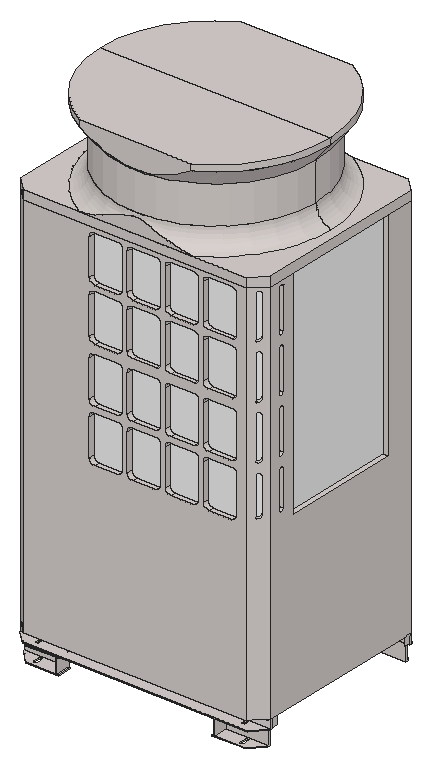
Revit family "PUHY-EM200YNW-A1", category 機械設備, Revit 2016 (continued)
Definition of nested family "FAN GUARD"
  Dimensions and locks
    locked: plane 10 "ファンガード上面" to plane 9 "ファンガード基準上面" at 303
    aligned and locked: level to plane 2
    aligned and locked: plane 5 to Extrusion 1 sketch curve
    aligned and locked: Extrusion 1 sketch curve to plane 6
    aligned and locked: plane 8 to Extrusion 1 sketch curve
    aligned and locked: plane 7 to Extrusion 1 sketch curve
    aligned and locked: plane 9 "ファンガード基準上面" to Extrusion 1
    aligned and locked: plane 4 "ファンガード基準面" to Extrusion 1
    aligned and locked: plane 9 "ファンガード基準上面" to Revolve 2 sketch curve
    aligned and locked: Revolve 2 sketch curve to plane 3 "中心(左/右)"
    aligned and locked: Extrusion 1 to Extrusion 3 sketch curve
    aligned and locked: Extrusion 3 sketch curve to Extrusion 1
    aligned and locked: cut or joined group of Revolve 2, Extrusion 3 to plane 10 "ファンガード上面"
  Automatic sketch dimensions
    Extrusion 1 sketch curve to plane 7 = 50.000 mm  (x2)
    plane 8 to Extrusion 1 sketch curve = 50.000 mm  (x2)
    plane 5 to Extrusion 1 sketch curve = 50.000 mm  (x2)
    Extrusion 1 sketch curve to plane 6 = 50.000 mm  (x2)
    plane 3 "中心(左/右)" to Extrusion 3 sketch curve = 345.000 mm  (x2)
    Extrusion 3 sketch curve to plane 3 "中心(左/右)" = 345.000 mm  (x2)
    Extrusion 3 sketch curve to Extrusion 3 sketch curve = 175.000 mm
    Extrusion 3 sketch curve to Extrusion 3 sketch curve = 169.592 mm
    plane 1 "中心(正面/背面)" to curve 2 = 0.000 mm
    plane 1 "中心(正面/背面)" to curve 3 = 0.000 mm
    curve 3 to plane 3 "中心(左/右)" = 0.000 mm
    curve 12 to plane 3 "中心(左/右)" = 0.000 mm
    plane 1 "中心(正面/背面)" to curve 1 = 0.000 mm
    plane 3 "中心(左/右)" to curve 55 = 10.000 mm
    curve 17 to curve 12 = 20.000 mm
    curve 57 to curve 55 = 20.000 mm
    curve 18 to curve 17 = 20.000 mm
    curve 58 to curve 57 = 20.000 mm
    curve 19 to curve 18 = 20.000 mm
    curve 59 to curve 58 = 20.000 mm
    curve 20 to curve 19 = 20.000 mm
    curve 2 to curve 59 = 10.000 mm
    curve 21 to curve 20 = 20.000 mm
    curve 22 to curve 21 = 20.000 mm
    curve 23 to curve 22 = 20.000 mm
    curve 24 to curve 23 = 20.000 mm
    curve 25 to curve 24 = 20.000 mm
    curve 26 to curve 25 = 20.000 mm
    curve 27 to curve 26 = 20.000 mm
    curve 28 to curve 27 = 20.000 mm
    curve 29 to curve 28 = 20.000 mm
    curve 11 to curve 29 = 16.639 mm
    curve 7 to curve 29 = 16.639 mm
    curve 30 to curve 7 = 3.361 mm
    curve 31 to curve 30 = 20.000 mm
    curve 32 to curve 31 = 20.000 mm
    curve 33 to curve 32 = 20.000 mm
    curve 6 to curve 33 = 8.323 mm
    curve 10 to curve 33 = 8.323 mm
    curve 34 to curve 10 = 11.677 mm
    curve 35 to curve 34 = 20.000 mm
    curve 9 to curve 35 = 11.572 mm
    curve 5 to curve 35 = 11.572 mm
    curve 36 to curve 9 = 8.428 mm
    curve 8 to curve 36 = 15.366 mm
    curve 4 to curve 36 = 15.366 mm
    curve 37 to curve 8 = 4.634 mm
    curve 2 to curve 37 = 3.000 mm
    curve 56 to plane 3 "中心(左/右)" = 10.000 mm
    curve 13 to plane 3 "中心(左/右)" = 20.000 mm
    curve 56 to curve 60 = 20.000 mm
    curve 13 to curve 14 = 20.000 mm
    curve 60 to curve 61 = 20.000 mm
    curve 14 to curve 15 = 20.000 mm
    curve 61 to curve 62 = 20.000 mm
    curve 15 to curve 16 = 20.000 mm
    curve 16 to curve 38 = 20.000 mm
    curve 38 to curve 39 = 20.000 mm
    curve 39 to curve 40 = 20.000 mm
    curve 40 to curve 41 = 20.000 mm
    curve 41 to curve 42 = 20.000 mm
    curve 42 to curve 43 = 20.000 mm
    curve 43 to curve 44 = 20.000 mm
    curve 44 to curve 45 = 20.000 mm
    curve 45 to curve 46 = 20.000 mm
    curve 46 to curve 7 = 16.639 mm
    curve 46 to curve 11 = 16.639 mm
    curve 7 to curve 47 = 3.361 mm
    curve 47 to curve 48 = 20.000 mm
    curve 48 to curve 49 = 20.000 mm
    curve 49 to curve 50 = 20.000 mm
    curve 50 to curve 6 = 8.323 mm
    curve 50 to curve 10 = 8.323 mm
    curve 10 to curve 51 = 11.677 mm
    curve 51 to curve 52 = 20.000 mm
    curve 52 to curve 9 = 11.572 mm
    curve 52 to curve 5 = 11.572 mm
    curve 5 to curve 53 = 8.428 mm
    curve 53 to curve 4 = 15.366 mm
    curve 53 to curve 8 = 15.366 mm
    curve 4 to curve 54 = 4.634 mm
    curve 54 to curve 1 = 3.000 mm
    curve 8 to plane 1 "中心(正面/背面)" = 80.000 mm
    curve 36 to curve 8 = 57.583 mm
    curve 53 to curve 8 = 57.583 mm
    curve 9 to curve 36 = 22.417 mm
    curve 52 to curve 9 = 25.820 mm
    curve 35 to curve 9 = 25.820 mm
    curve 51 to curve 52 = 36.282 mm
    curve 34 to curve 35 = 36.282 mm
    curve 10 to curve 51 = 17.899 mm
    curve 33 to curve 10 = 11.653 mm
    curve 50 to curve 10 = 11.653 mm
    curve 49 to curve 50 = 24.986 mm
    curve 32 to curve 33 = 24.986 mm
    curve 48 to curve 49 = 21.571 mm
    curve 31 to curve 32 = 21.571 mm
    curve 47 to curve 48 = 18.853 mm
    curve 30 to curve 31 = 18.853 mm
    curve 11 to curve 30 = 2.937 mm
    curve 29 to curve 11 = 13.660 mm
    curve 46 to curve 11 = 13.660 mm
    curve 28 to curve 29 = 14.663 mm
    curve 45 to curve 46 = 14.663 mm
    curve 44 to curve 45 = 12.965 mm
    curve 27 to curve 28 = 12.965 mm
    curve 12 to curve 27 = 8.712 mm
    curve 12 to curve 21 = 0.000 mm
    curve 13 to curve 12 = 0.000 mm
    curve 14 to curve 13 = 0.000 mm  (x2)
    curve 12 to curve 18 = 0.000 mm
    curve 21 to curve 23 = 0.000 mm
    curve 43 to curve 44 = 8.712 mm
    curve 23 to curve 24 = 0.000 mm  (x2)
    curve 43 to curve 42 = 0.000 mm  (x2)
    curve 24 to curve 25 = 0.000 mm  (x2)
    curve 42 to curve 41 = 0.000 mm  (x2)
    curve 25 to curve 26 = 0.000 mm  (x2)
    curve 41 to curve 40 = 0.000 mm  (x2)
    curve 20 to curve 21 = 0.000 mm  (x2)
    curve 40 to curve 39 = 0.000 mm  (x2)
    curve 15 to curve 14 = 0.000 mm
    curve 39 to curve 38 = 0.000 mm
    curve 38 to curve 16 = 0.000 mm  (x2)
    curve 18 to curve 19 = 0.000 mm  (x2)
    curve 12 to curve 17 = 0.000 mm  (x2)
    curve 21 to curve 22 = 0.000 mm  (x2)
    curve 8 to curve 37 = 29.711 mm
    curve 8 to curve 54 = 29.711 mm
    plane 1 "中心(正面/背面)" to curve 37 = 50.289 mm
    plane 1 "中心(正面/背面)" to curve 54 = 50.289 mm
    curve 37 to curve 4 = 29.711 mm
    curve 4 to curve 36 = 57.583 mm
    curve 4 to curve 53 = 57.583 mm
    curve 36 to curve 5 = 22.417 mm
    curve 5 to curve 52 = 25.820 mm
    curve 5 to curve 35 = 25.820 mm
    curve 35 to curve 34 = 36.282 mm
    curve 52 to curve 51 = 36.282 mm
    curve 51 to curve 6 = 17.899 mm
    curve 6 to curve 50 = 11.653 mm
    curve 6 to curve 33 = 11.653 mm
    curve 50 to curve 49 = 24.986 mm
    curve 33 to curve 32 = 24.986 mm
    curve 49 to curve 48 = 21.571 mm
    curve 32 to curve 31 = 21.571 mm
    curve 48 to curve 47 = 18.853 mm
    curve 31 to curve 30 = 18.853 mm
    curve 30 to curve 7 = 2.937 mm
    curve 7 to curve 46 = 13.660 mm
    curve 7 to curve 29 = 13.660 mm
    curve 29 to curve 28 = 14.663 mm
    curve 46 to curve 45 = 14.663 mm
    curve 45 to curve 44 = 12.965 mm
    curve 28 to curve 27 = 12.965 mm
    curve 44 to curve 13 = 8.712 mm
    curve 27 to curve 23 = 8.712 mm
    curve 15 to curve 13 = 0.000 mm
    curve 44 to curve 42 = 8.712 mm
    curve 16 to curve 15 = 0.000 mm
    curve 22 to curve 23 = 0.000 mm
    curve 13 to curve 17 = 0.000 mm
    curve 17 to curve 19 = 0.000 mm
    Revolve 2 sketch curve to plane 3 "中心(左/右)" = 0.000 mm
    Revolve 2 sketch curve to plane 10 "ファンガード上面" = 0.000 mm
    plane 9 "ファンガード基準上面" to Revolve 2 sketch curve = 70.141 mm
    Revolve 2 sketch curve to Revolve 2 sketch curve = 18.161 mm
    Revolve 2 sketch curve to level = 1700.815 mm
    Revolve 2 sketch curve to plane 10 "ファンガード上面" = 93.336 mm
    Revolve 2 sketch curve to plane 10 "ファンガード上面" = 24.000 mm
    Revolve 2 sketch curve to Revolve 2 sketch curve = 790.769 mm
    Revolve 2 sketch curve to Revolve 2 sketch curve = 17.668 mm
Definition of nested family "BASE LEG"
  Parameters
    Width [instance] = 920.000 mm
  Reference planes
    plane 1 "中心(正面/背面)": y = 0
    plane 2: z = 0
    plane 3 "中心(左/右)": x = 0
    plane 4: x = 460
    plane 5: x = -460
    plane 6: x = -380
    plane 7: x = 380
    plane 8: y = -18
    plane 9: y = 39
    plane 10: z = 53
    plane 11: y = 42
    plane 12: y = 27
    plane 13: x = 415
    plane 14: x = -415
    plane 15: z = 8
    plane 16: y = 11.5
    plane 17: z = 35
  Forms (mm)
    Extrusion 1, solid
      sketch origin (0, 0, 0) x (0, 1, 0) y (0, 0, 1)
        loop
          line (-18, 0) -> (36, 0) -> (36, 32) -> (56, 32) -> (56, 35) -> (33, 35) -> (33, 3) -> (-18, 3) -> (-18, 0)
      from -460 to 460
    Extrusion 2, void
      sketch origin (0, 0, 0) x (1, 0, 0) y (0, 1, 0)
        loop
          line (415, -18) -> (460, -18) -> (460, 27) -> (415, -18)
        loop
          line (-415, -18) -> (-460, 27) -> (-460, -18) -> (-415, -18)
      from 0 to 250
    Extrusion 3, void
      sketch origin (0, 12.023, 0) x (1, 0, 0) y (0, 1, 0)
        loop
          arc (373, -2.971) -> (380, -9.971) -> (387, -2.971) r 7
          line (387, -2.971) -> (387, 3.023)
          arc (387, 3.023) -> (380, 10.023) -> (373, 3.023) r 7
          line (373, 3.023) -> (373, -2.971)
        loop
          line (-373, -2.971) -> (-373, 3.023)
          arc (-373, 3.023) -> (-380, 10.023) -> (-387, 3.023) r 7
          line (-387, 3.023) -> (-387, -2.971)
          arc (-387, -2.971) -> (-380, -9.971) -> (-373, -2.971) r 7
      from 0 to 250
    Extrusion 4, solid
      sketch origin (0, 0, -3) x (1, 0, 0) y (0, 0, 1)
        loop
          line (457, 8) -> (460, 8) -> (460, 35) -> (457, 35) -> (457, 8)
        loop
          line (-457, 8) -> (-457, 35) -> (-460, 35) -> (-460, 8) -> (-457, 8)
      from -36 to -56
    Extrusion 5, solid
      sketch origin (150, 352, 0) x (1, 0, 0) y (0, 1, 0)
        loop
          line (310, -319) -> (305, -319) -> (305, -320) -> (255, -370) -> (260, -370) -> (310, -320) -> (310, -319)
      from 3 to 35
    Extrusion 6, void
      sketch origin (410, -18, 0) x (0.707107, 0.707107, 0) y (0, 0, 1)
        loop
          line (70.711, 3) -> (-6.741, 39.767) -> (-6.741, 3) -> (70.711, 3)
      from -190.256 to 23.776
    Extrusion 7, solid
      sketch origin (-150, 352, 0) x (-1, 0, 0) y (0, -1, 0)
        loop
          line (310, 319) -> (310, 320) -> (260, 370) -> (255, 370) -> (305, 320) -> (305, 319) -> (310, 319)
      from 3 to 35
    Extrusion 8, void
      sketch origin (-410, -18, 0) x (0.707107, -0.707107, 0) y (0, 0, -1)
        loop
          line (-70.711, -3) -> (0, -35) -> (6.741, -35) -> (6.741, -3) -> (-70.711, -3)
      from -190.256 to 23.776
  Cuts and joins
    Extrusion 2, Extrusion 3 cuts Extrusion 1
    joined: Extrusion 1, Extrusion 4
    Extrusion 8 cuts Extrusion 7
    Extrusion 6 cuts Extrusion 5
  Dimensions and locks
    "Width": plane 5 to plane 4
    equal spacing: plane 5, plane 3 "中心(左/右)", plane 4
    locked: plane 5 to plane 6 at 80
    locked: plane 7 to plane 4 at 80
    locked: plane 8 to plane 9 at 57
    locked: plane 10 to level at 53
    locked: plane 9 to plane 11 at 3
    plane 8 to plane 12 = 45.000 mm
    locked: plane 13 to plane 4 at 45
    locked: plane 5 to plane 14 at 45
    equal spacing: Extrusion 3 sketch curve, plane 7, Extrusion 3 sketch curve
    equal spacing: Extrusion 3 sketch curve, plane 6, Extrusion 3 sketch curve
    locked: plane 10 to plane 15 at 45
    locked: cut or joined group of Extrusion 1, Extrusion 2, Extrusion 3, Extrusion 4 to Extrusion 4 sketch curve at 3  (x2)
    locked: plane 8 to plane 16 at 29.5
    plane 8 to plane 11 = 60.000 mm
    cut or joined group of Extrusion 1, Extrusion 2, Extrusion 3, Extrusion 4 to cut or joined group of Extrusion 1, Extrusion 2, Extrusion 3, Extrusion 4 = 35.000 mm
    aligned and locked: level to plane 2
    aligned and locked: plane 8 to Extrusion 1 sketch curve
    aligned and locked: plane 4 to Extrusion 1
    aligned and locked: Extrusion 1 to plane 5
    aligned and locked: Extrusion 2 sketch curve to plane 4
    aligned and locked: Extrusion 2 sketch curve to plane 8
    aligned and locked: plane 12 to Extrusion 2 sketch curve
    aligned and locked: plane 13 to Extrusion 2 sketch curve
    aligned and locked: plane 4 to Extrusion 4 sketch curve
    aligned and locked: plane 5 to Extrusion 4 sketch curve
    aligned and locked: cut or joined group of Extrusion 7, Extrusion 8 to cut or joined group of Extrusion 1, Extrusion 2, Extrusion 3, Extrusion 4
  Automatic sketch dimensions
    Extrusion 3 sketch curve to plane 1 "中心(正面/背面)" = 9.052 mm  (x2)
    Extrusion 3 sketch curve to plane 7 = 7.000 mm
    Extrusion 3 sketch curve to plane 1 "中心(正面/背面)" = 15.046 mm  (x2)
    Extrusion 3 sketch curve to plane 6 = 7.000 mm
    Extrusion 2 sketch curve to plane 5 = 0.000 mm
    plane 8 to Extrusion 2 sketch curve = 0.000 mm
    Extrusion 2 sketch curve to plane 14 = 0.000 mm
    plane 12 to Extrusion 2 sketch curve = 0.000 mm
    Extrusion 4 sketch curve to plane 10 = 21.000 mm
    plane 7 to Extrusion 5 sketch curve = 25.000 mm
    Extrusion 5 sketch curve to Extrusion 5 sketch curve = 5.000 mm  (x2)
    plane 7 to Extrusion 5 sketch curve = 75.000 mm
    plane 8 to Extrusion 5 sketch curve = 0.000 mm
    Extrusion 5 sketch curve to Extrusion 5 sketch curve = 50.000 mm
    Extrusion 5 sketch curve to Extrusion 5 sketch curve = 0.000 mm
    Extrusion 5 sketch curve to Extrusion 5 sketch curve = 1.000 mm
    Extrusion 6 sketch curve to Extrusion 5 = 0.000 mm  (x2)
    Extrusion 6 sketch curve to Extrusion 5 = 6.741 mm
    Extrusion 6 sketch curve to Extrusion 5 = 4.767 mm
    plane 6 to Extrusion 7 sketch curve = 25.000 mm
    Extrusion 7 sketch curve to Extrusion 7 sketch curve = 5.000 mm  (x2)
    Extrusion 7 sketch curve to Extrusion 7 sketch curve = 45.000 mm
    Extrusion 7 sketch curve to plane 8 = 0.000 mm
    Extrusion 7 sketch curve to Extrusion 7 sketch curve = 50.000 mm
    Extrusion 7 sketch curve to Extrusion 7 sketch curve = 0.000 mm
    Extrusion 7 sketch curve to Extrusion 7 sketch curve = 1.000 mm
    Extrusion 8 sketch curve to Extrusion 7 = 0.000 mm  (x2)
    Extrusion 7 to Extrusion 8 sketch curve = 0.000 mm  (x2)
    Extrusion 7 to Extrusion 8 sketch curve = 6.741 mm
    Extrusion 4 sketch curve to plane 17 = 3.000 mm
    Extrusion 4 sketch curve to plane 15 = 3.000 mm  (x2)
    Extrusion 1 sketch curve to plane 17 = 0.000 mm
    Extrusion 1 sketch curve to level = 0.000 mm
    level to Extrusion 1 sketch curve = 3.000 mm
    plane 9 to Extrusion 1 sketch curve = 6.000 mm
    plane 9 to Extrusion 1 sketch curve = 3.000 mm
    Extrusion 1 sketch curve to plane 17 = 3.000 mm
    Extrusion 1 sketch curve to plane 11 = 14.000 mm
Definition of nested family "ATTACHMENT LEG"
  Parameters
    Width = 145.000 mm
  Reference planes
    plane 1: z = 0
    plane 2 "中心(左/右)": x = -6
    plane 3: x = -52
    plane 4: x = 85
    plane 5: x = 93
    plane 6: y = -21
    plane 7: y = 27
    plane 8: x = -30
    plane 9: y = 39
    plane 10: z = 60
    plane 11: z = 57
    plane 12: z = 3
    plane 13: x = 82
    plane 14: y = 36
    plane 15: x = -75
    plane 16: y = 31
    plane 17 "幅": x = 93
    plane 18: y = 2.5
    plane 19: y = 21
    plane 20: y = -10
  Forms (mm)
    Extrusion 1, solid
      sketch origin (0, -1, 0) x (1, 0, 0) y (0, 1, 0)
        loop
          line (-75, 36) -> (-75, 27) -> (-28, -20) -> (93, -20) -> (93, 32) -> (85, 32) -> (85, 36) -> (-75, 36)
      from 0 to 60
    Extrusion 2, void
      sketch origin (0, -3, 0) x (1, 0, 0) y (0, 0, 1)
        loop
          line (-75, 57) -> (-75, 3) -> (82, 3) -> (82, 57) -> (-75, 57)
        loop
          line (93, 57) -> (85, 57) -> (85, 3) -> (93, 3) -> (93, 57)
      from -35 to 18
    Extrusion 3, void
      sketch origin (-6, 5.5, 0) x (1, 0, 0) y (0, 1, 0)
        loop
          arc (-7, -8.5) -> (0, -15.5) -> (7, -8.5) r 7
          line (7, -8.5) -> (7, 8.5)
          arc (7, 8.5) -> (0, 15.5) -> (-7, 8.5) r 7
          line (-7, 8.5) -> (-7, -8.5)
      from 0 to 60
  Cuts and joins
    Extrusion 2, Extrusion 3 cuts Extrusion 1
  Dimensions and locks
    locked: plane 3 to plane 4 at 137
    locked: plane 3 to plane 5 at 145
    plane 6 to plane 7 = 48.000 mm
    locked: plane 10 to level at 60
    Extrusion 3 sketch curve to plane 2 "中心(左/右)" = 7.000 mm
    locked: plane 15 to plane 2 "中心(左/右)" at 69
    locked: plane 15 to plane 8 at 45
    locked: plane 6 to plane 18 at 23.5
    cut or joined group of Extrusion 1, Extrusion 2, Extrusion 3 to cut or joined group of Extrusion 1, Extrusion 2, Extrusion 3 = 168.000 mm
    cut or joined group of Extrusion 1, Extrusion 2, Extrusion 3 to cut or joined group of Extrusion 1, Extrusion 2, Extrusion 3 = 56.000 mm  (x2)
    plane 14 to plane 6 = 57.000 mm
    aligned and locked: level to plane 1
    aligned and locked: Extrusion 1 sketch curve to plane 4
    aligned and locked: Extrusion 1 sketch curve to plane 5
    aligned: plane 8 to Extrusion 1 sketch curve
    aligned and locked: plane 10 to Extrusion 1
    aligned and locked: Extrusion 2 sketch curve to plane 11
    aligned: plane 3 to Extrusion 2 sketch curve
    aligned and locked: plane 12 to Extrusion 2 sketch curve
    aligned and locked: Extrusion 2 sketch curve to plane 13
    aligned and locked: plane 6 to Extrusion 2
    aligned and locked: plane 11 to Extrusion 2 sketch curve
    aligned and locked: plane 5 to Extrusion 2 sketch curve
    aligned and locked: Extrusion 2 sketch curve to plane 12
    aligned and locked: Extrusion 2 sketch curve to plane 4
    aligned and locked: plane 15 to Extrusion 1 sketch curve
    aligned and locked: Extrusion 2 sketch curve to cut or joined group of Extrusion 1, Extrusion 2, Extrusion 3
    aligned and locked: Extrusion 1 to plane 16
Types (6, lengths in mm): name | Rated Load Ampacity (A) Heating mode | Rated Load Ampacity (A) Cooling mode | Voltage | Hertz | Heating Current (Nominal) (A) | Heating Current (Max) (A) | Cooling Current (A)
  PUHY-EM200YNW-A1_380V_50Hz | 9.2 | 8.4 | 380 V | 50 Hz | 7.1 | 8.3 | 7.3
  PUHY-EM200YNW-A1_380V_60Hz | 9.2 | 8.4 | 380 V | 60 Hz | 7.1 | 8.3 | 7.3
  PUHY-EM200YNW-A1_400V_50Hz | 8.8 | 8 | 400 V | 50 Hz | 6.8 | 7.9 | 7
  PUHY-EM200YNW-A1_400V_60Hz | 8.8 | 8 | 400 V | 60 Hz | 6.8 | 7.9 | 7
  PUHY-EM200YNW-A1_415V_50Hz | 8.5 | 7.7 | 415 V | 50 Hz | 6.5 | 7.6 | 6.7
  PUHY-EM200YNW-A1_415V_60Hz | 8.5 | 7.7 | 415 V | 60 Hz | 6.5 | 7.6 | 6.7
